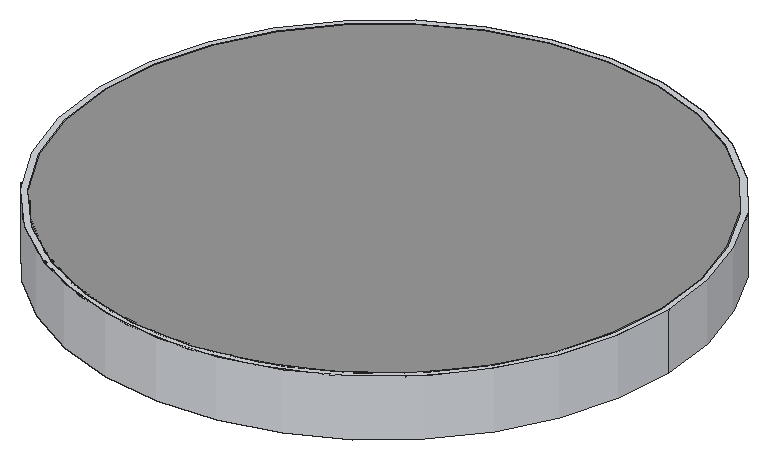
Revit family "2071177", category Lighting Fixtures, host Face, Revit 2018
Family settings
  Host = Face
  Round Connector Dimension = Use Diameter
  Part Type = Normal
  OmniClass Number = 23.80.70.00
  OmniClass Title = Lighting
  Cut with Voids When Loaded = No
  Light Source = Yes
  Shared = No
  Room Calculation Point = No
Parameters (values of type "2071177 COLOSSAL 600 840 OP DIR WHT SSA02")
  iner diameter = 588 mm
  Weight = "n/a"
  Wattage Comments = ""
  Wattage = 30 W
  WarrantyStartDate [instance] = "n/a"
  WarrantyGuarantorParts = "n/a"
  WarrantyDurationUnit = "n/a"
  WarrantyDurationParts = ""
  WarrantyDescription = "http://www.sylvania-lighting.com"
  built-in parameter 1150110 = 1 (stored number, unit not read)
  Voltage = 230 V
  URL = "0.95"
  TypeName = "COLOSSAL 600mm 840 OPAL DIR WHITE SSA02"
  Type Image = <None>
  Type Comments = "n/a"
  built-in parameter 1114217 = 1 (stored number, unit not read)
  Tilt Angle = -90.00°
  built-in parameter 1150109 = 1 (stored number, unit not read)
  built-in parameter 1150134 = (empty or 0)
  built-in parameter 1150113 = 1 (stored number, unit not read)
  SerialNumber [instance] = "n/a"
  Photometric Web File = "2071177.ies"
  Material_3_SYL = LED-Sylvania
  PowerFactor = 0
  PowerConsumption = "Lighting"
  NominalLength = 600 mm
  NominalHeight = 93 mm
  NominalDepth = 600 mm
  Name = "COLOSSAL 600mm 840 OPAL DIR WHITE SSA02"
  ModelReference = Name  # "COLOSSAL 600mm 840 OPAL DIR WHITE SSA02"
  ModelNumber = "2071177"
  Model = Name  # "COLOSSAL 600mm 840 OPAL DIR WHITE SSA02"
  Material = "Feilo Sylvania"
  ManufacturerName = "134 lm/W"
  Manufacturer = ""
  LuminousEfficacy = ""
  built-in parameter 1150105 = 270.44 (stored number, unit not read)
  Lumens = 3398.4 lm
  LuminaireType = "0"
  built-in parameter 1150115 = 1 (stored number, unit not read)
  LightOutputRatio = "LED"
  built-in parameter 1150137 = (empty or 0)
  built-in parameter 1150139 = (empty or 0)
  LampsType = Lamp  # "n/a"
  LampNominalLuminous = "4000 K"
  LampMacAdamStep = "80"
  LampColourTemperature = "LED"
  LampColourRenderingIndex = "16500"
  built-in parameter 1150112 = 1 (stored number, unit not read)
  built-in parameter 1150114 = 1 (stored number, unit not read)
  Lamp = "n/a"
  Keynote = "n/a"
  InstallationDate [instance] = "n/a"
  InputVoltage = "0"
  InputNominalFrequency = "4000"
  built-in parameter 1150132 = (empty or 0)
  built-in parameter 1150102 = (empty or 0)
  built-in parameter 1150107 = 3000 (stored number, unit not read)
  built-in parameter 1150138 = (empty or 0)
  IngressProtection = "IfcLightFixtureType"
  ImpactProtectionIndex = "IfcLightFixtureType"
  built-in parameter 1150106 = 2.7044 (stored number, unit not read)
  IfcExportType = "IfcLightFixtureType"
  IfcExportAs = "Class I"
  Emit from Circle Diameter = 385 mm
  Emit Shape Visible in Rendering = no
  ElectricShockClassification = "134"
  built-in parameter 1150104 = 10.524 (stored number, unit not read)
  DocumentationLiterature = "http://www.sylvania-lighting.com/product/en-int/products/2071177"
  DimmingControlOptions = "n/a"
  Material_2_SYL = Polycarbonate_Sylvania_White
  Dimming Lamp Color Temperature Shift = <None>
  Description = "600mm diameter circular architectural luminaire, can be surface mounted or suspended. Powder coated aluminium housing (RAL9016) with polycarbonate opal diffuser. Direct light distribution, 5330lm luminuous flux, 39.7W system power, 134lm/W luminiaire efficacy. Sylsmart Connected enabled. Colour rendering index Ra >80, 4000K Neutral White LED, chromaticity tolerance of 3-step MacAdam ellipse. IP40, IK03. 450mA drive current. Electrical protection Class1, 220-240V. Reported lifetime 66k hours L90B10."
  Default Elevation = 1219.2 mm
  CreatedOn = "23/03/2022"
  CreatedBy = "@sylvania-lighting.com"
  Cost = 0
  Color Filter = 16777215
  built-in parameter 1114216 [instance] = (empty or 0)
  ClassificationValue = "EF_70_80"
  ClassificationName = "Uniclass2015"
  Material_1_SYL = Polycarbonate_Sylvania_Opal
  BarCode [instance] = "n/a"
  built-in parameter 1114218 = 1 (stored number, unit not read)
  built-in parameter 1150133 = 10 (stored number, unit not read)
  AssetType = "Fixed"
  AssetIdentifier [instance] = "n/a"
  Assembly Code = "D5020200"
  Apparent Load = 39.7 VA
  Material_4_SYL = none
Reference planes
  plane 1 "Center (Front/Back)": y = 0
  plane 2: z = 0
  plane 3 "Center (Left/Right)": x = 0
  plane 4: x = -300
  plane 5: x = 300
  plane 6: y = 300
  plane 7: y = -300
  plane 8: y = 212
  plane 9: y = -212
  plane 10: z = 93
  plane 11: y = 294
  plane 12: y = -294
  plane 13: through (0, 0, 1219.2) normal (0.5, -0.866, 0)
  plane 14: through (-134.29, 20.617, 1219.2) normal (0.5, -0.866, 0)
  plane 15: through (-144.685, -181.683, 1219.2) normal (-0.5, 0.866, 0)
  plane 16: through (0, 0, 1219.2) normal (0.5, 0.866, 0)
  plane 17: through (178.555, -4.939, 1219.2) normal (0.5, 0.866, 0)
  plane 18: through (87.581, -148.715, 1219.2) normal (0.5, 0.866, 0)
  plane 19: y = 272
  plane 20: through (105.168, 227.067, 1219.2) normal (0.866, 0.5, 0)
  plane 21: through (-104.171, 225.672, 1219.2) normal (0.8572, -0.515, 0)
  plane 22: y = -204.612
  plane 23: through (-296.643, -30.2, 1219.2) normal (0.866, 0.5, 0)
  plane 24: through (153.092, -278.837, 1219.2) normal (-0.866, 0.5, 0)
Forms (mm)
  Extrusion 1, solid, detail levels medium+fine
    sketch origin (0, 0, 0) x (1, 0, 0) y (0, 1, 0)
      loop
        circle (0, 0) r 300
    from 33.023 to 93
  Extrusion 2, void
    sketch origin (0, 0, 0) x (1, 0, 0) y (0, 1, 0)
      loop
        circle (0, 0) r 294
    from 93 to 37.292
  Extrusion 3, solid, material "Glass, White, High Luminance", detail levels fine
    sketch origin (0, 0, 0) x (1, 0, 0) y (0, 1, 0)
      loop
        circle (0, 0) r 294
    from 88.026 to 93
  Extrusion 4, solid, detail levels coarse
    sketch origin (0, 0, 0) x (1, 0, 0) y (0, 1, 0)
      loop
        line (-300, 300) -> (-300, -300) -> (300, -300) -> (300, 300) -> (-300, 300)
    from 0 to 93
  Blend 5, solid, detail levels medium+fine
    base sketch origin (0, 0, 0) x (1, 0, 0) y (0, 1, 0)
      loop
        line (-76.334, 272) -> (-277.665, -63.07) -> (-195.946, -204.612) -> (195.946, -204.612) -> (275.172, -67.388) -> (79.226, 272) -> (-76.334, 272)
    top sketch origin (0, 0, 0) x (1, 0, 0) y (0, 1, 0)
      loop
        line (-226.097, -32.388) -> (-141.097, -179.612) -> (141.097, -179.612) -> (226.097, -32.388) -> (85, 212) -> (-85, 212) -> (-226.097, -32.388)
    from 33.023 to 0
Cuts and joins
  Extrusion 2 cuts Extrusion 1
Lines and regions (mm)
  model lines
    curve 1: line (-85, 212, 0) -> (0, 212, 0)
    curve 2: line (0, 212, 0) -> (85, 212, 0)
Dimensions and locks
  "NominalDepth": plane 6 to plane 7
  "NominalLength": plane 4 to plane 5
  equal spacing: plane 4, plane 3 "Center (Left/Right)", plane 5
  "iner diameter": plane 11 to plane 12
  equal spacing: plane 11, plane 1 "Center (Front/Back)", plane 12
  equal spacing: plane 6, plane 1 "Center (Front/Back)", plane 7
  "NominalHeight": plane 10 to level
  radius of Extrusion 2 sketch curve = 294 mm
  aligned and locked: plane 2 to host face
  aligned and locked: level to host face
Automatic sketch dimensions
  host sketch curve to host sketch curve = 2438.4 mm  (x2)
  plane 1 "Center (Front/Back)" to Extrusion 1 sketch curve = 0 mm
  Extrusion 1 sketch curve to plane 3 "Center (Left/Right)" = 0 mm
  plane 1 "Center (Front/Back)" to Extrusion 2 sketch curve = 0 mm
  Extrusion 2 sketch curve to plane 3 "Center (Left/Right)" = 0 mm
  plane 1 "Center (Front/Back)" to Extrusion 3 sketch curve = 0 mm
  Extrusion 3 sketch curve to plane 3 "Center (Left/Right)" = 0 mm
  Extrusion 4 sketch curve to plane 4 = 0 mm
  Extrusion 4 sketch curve to plane 5 = 0 mm
  Extrusion 4 sketch curve to plane 7 = 0 mm
  Extrusion 4 sketch curve to plane 6 = 0 mm
  Blend 5 sketch curve to plane 8 = 0 mm
  Blend 5 sketch curve to plane 3 "Center (Left/Right)" = 85 mm
  plane 3 "Center (Left/Right)" to Blend 5 sketch curve = 85 mm
  plane 9 to Blend 5 sketch curve = 32.388 mm
  plane 3 "Center (Left/Right)" to Blend 5 sketch curve = 141.097 mm
  plane 1 "Center (Front/Back)" to Blend 5 sketch curve = 32.388 mm  (x2)
  Blend 5 sketch curve to plane 5 = 73.903 mm
  Blend 5 sketch curve to plane 3 "Center (Left/Right)" = 141.097 mm
  plane 4 to Blend 5 sketch curve = 73.903 mm
  curve 1 to plane 8 = 0 mm
  curve 2 to plane 3 "Center (Left/Right)" = 0 mm
  curve 1 to plane 3 "Center (Left/Right)" = 85 mm
  curve 1 to curve 2 = 85 mm
  Blend 5 sketch curve to plane 21 = 0 mm
  Blend 5 sketch curve to plane 23 = 0 mm  (x2)
  Blend 5 sketch curve to plane 22 = 0 mm
  Blend 5 sketch curve to plane 19 = 0 mm
  plane 21 to Blend 5 sketch curve = 0 mm
  Blend 5 sketch curve to plane 20 = 0 mm  (x2)
  Blend 5 sketch curve to plane 24 = 0 mm  (x2)
  radius of Extrusion 1 sketch curve = 300 mm
  radius of Extrusion 3 sketch curve = 294 mm
Connectors
  electrical at (0, 0, 0), driven by "Apparent Load", driven by "PowerFactor", driven by "Voltage"
    settings: index 1, voltage 230 V, apparent load 39.7 VA, apparent load phase1 0 VA, apparent load phase2 0 VA, apparent load phase3 0 VA, power factor 0, load classification "Lighting", number of poles 1, system type 30, power factor state 1, is connector primary yes, connector utility no, sub classification motor no, connector description ""
